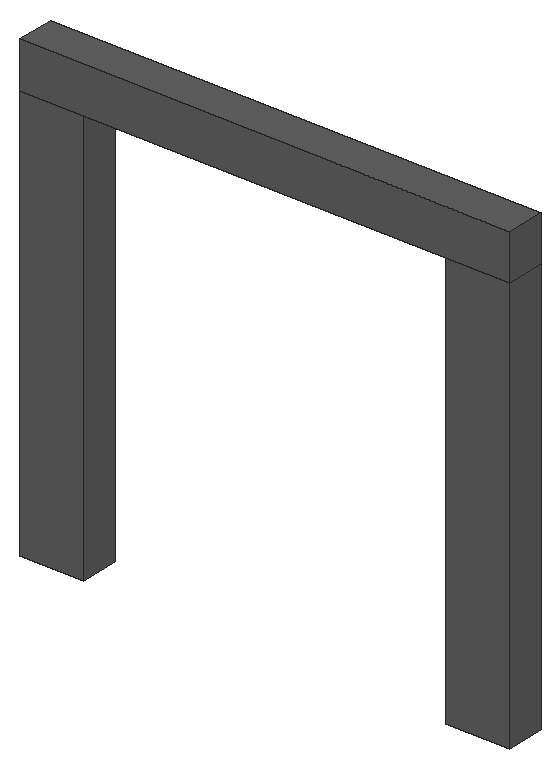
Revit family "S-600 (DSS)", category Generic Models, host Wall, Revit 2015
Parameters (values of type "9'x9' Door")
  Width = 10' - 7"
  URL = "https://www.entrematic.us/en/ent/entrematicus/"
  SidePadHeight = 9' - 0"
  Projection = 0' - 10"
  Opening = 7' - 10"
  Model = "S-600/DSS"
  Manufacturer = "Entrematic"
  HeadPadHeight = 1' - 0"
  Description = "Foam Dock Seal"
Types (7): name | Width | SidePadHeight | Opening
  (no name) | 10' - 7" | 9' - 0" | 7' - 10"
  8'x8' Door | 9' - 6" | 8' - 0" | 7' - 6"
  8.5'x8' Door | 10' - 0" | 8' - 0" | 7' - 8"
  9'x8' Door | 10' - 7" | 8' - 0" | 7' - 10"
  8'x9' Door | 9' - 6" | 9' - 0" | 7' - 6"
  8.5'x9' Door | 10' - 0" | 9' - 0" | 7' - 8"
  9'x9' Door | 10' - 7" | 9' - 0" | 7' - 10"
Reference planes (in)
  plane 1: y = 0
  plane 2 "Center (Left/Right)": x = 0
  plane 3 "Wall Edge": y = 3
  plane 4: x = -47
  plane 5: x = -63.5
  plane 6: x = 47
  plane 7: x = 63.5
  plane 8: z = 120
  plane 9: z = 108
  plane 10: y = 13
  plane 11: y = 3
  plane 12: y = 13.03125
  plane 13: x = 51
  plane 14: x = 54
  plane 15: x = -51
  plane 16: x = -54
Forms (in)
  Extrusion 1, solid, material "Skin"
    sketch origin (0, 3, 0) x (1, 0, 0) y (0, 0, 1)
      loop
        line (63.5, 120) -> (-63.5, 120) -> (-63.5, 108) -> (63.5, 108) -> (63.5, 120)
    from 0 to -10
  Extrusion 2, solid, material "Skin"
    sketch origin (0, 3, 0) x (1, 0, 0) y (0, 0, 1)
      loop
        line (63.5, 108) -> (47, 108) -> (47, 0) -> (63.5, 0) -> (63.5, 108)
      loop
        line (-47, 108) -> (-63.5, 108) -> (-63.5, 0) -> (-47, 0) -> (-47, 108)
    from 0 to -10
  Extrusion 3, solid, material "Guide Stripe"
    sketch origin (0, 3, 0) x (1, 0, 0) y (0, 0, 1)
      loop
        line (54, 0) -> (54, 108) -> (51, 108) -> (51, 0) -> (54, 0)
      loop
        line (-54, 0) -> (-51, 0) -> (-51, 108) -> (-54, 108) -> (-54, 0)
    from -10.03125 to -10
Text (in)
  text "Placement Side" at (0, 40.15149, 123.01588), in view "Right"
  text "Placement Side" at (-70.3804, 28.46503, 0), in view "Ref. Level"
  text "Placement Side" at (0, 81.62555, 140.59947), in view "Left"
Dimensions and locks (in)
  locked: plane 3 "Wall Edge" to host wall
  equal spacing: plane 6, plane 2 "Center (Left/Right)", plane 4
  "Opening": plane 6 to plane 4
  equal spacing: plane 7, plane 2 "Center (Left/Right)", plane 5
  "Width": plane 7 to plane 5
  "SidePadHeight": level to plane 9
  "HeadPadHeight": plane 9 to plane 8
  "Projection": plane 10 to plane 11
  plane 12 to plane 10 = 0' - 0 1/32"
  plane 14 to plane 13 to plane 6 = 0' - 3" locked, 0' - 4" locked
  plane 16 to plane 15 to plane 4 = 0' - 3" locked, 0' - 4" locked
  level to Extrusion 3 = 9' - 0"
  aligned and locked: plane 11 to host wall
  aligned and locked: plane 8 to Extrusion 1 sketch curve
  aligned and locked: plane 7 to Extrusion 1 sketch curve
  aligned and locked: Extrusion 1 sketch curve to plane 9
  aligned and locked: Extrusion 1 sketch curve to plane 5
  aligned and locked: Extrusion 2 sketch curve to Extrusion 1  (x2)
  aligned and locked: Extrusion 2 sketch curve to level
  aligned and locked: Extrusion 2 sketch curve to plane 6
  aligned and locked: Extrusion 2 sketch curve to plane 4
  aligned and locked: Extrusion 2 sketch curve to plane 5
  aligned and locked: Extrusion 2 sketch curve to plane 9
  aligned and locked: level to Extrusion 2 sketch curve
  aligned and locked: plane 10 to Extrusion 2
  aligned and locked: Extrusion 2 to plane 11
  aligned and locked: Extrusion 1 to plane 11
  aligned and locked: plane 13 to Extrusion 3 sketch curve
  aligned and locked: Extrusion 3 sketch curve to plane 14
  aligned and locked: plane 9 to Extrusion 3 sketch curve
  aligned and locked: Extrusion 3 sketch curve to plane 9
  aligned and locked: Extrusion 3 sketch curve to plane 16
  aligned and locked: Extrusion 3 sketch curve to plane 15
  aligned and locked: level to Extrusion 3 sketch curve
  aligned and locked: Extrusion 3 to plane 10
  aligned and locked: plane 12 to Extrusion 3
  aligned and locked: plane 10 to Extrusion 1
  aligned and locked: Extrusion 3 to level
Automatic sketch dimensions
  Extrusion 3 sketch curve to level = 0' - 0"
